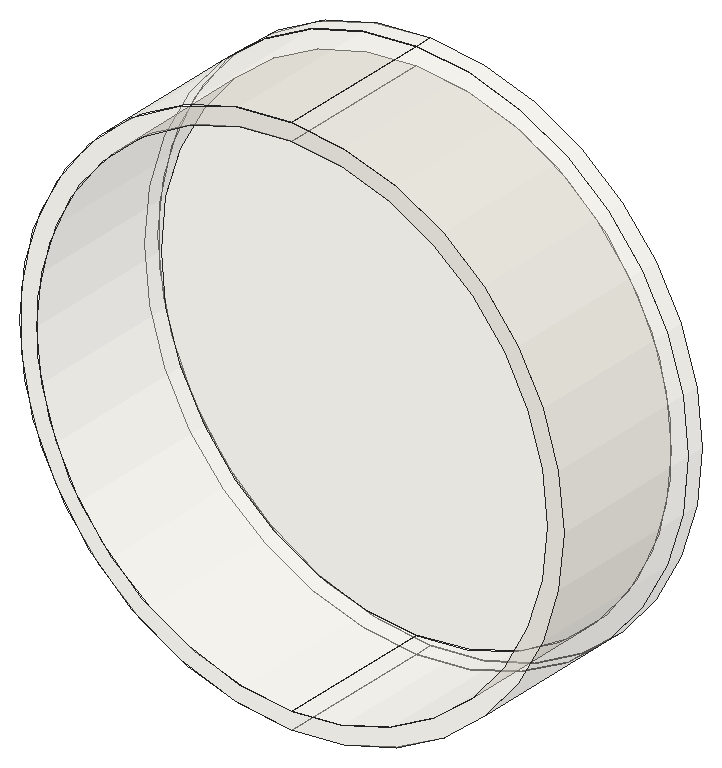
Revit family
Parameters (values of type "100 와트 백열")
  Wattage = 100 W
  built-in parameter 1150110 = 1 (stored number, unit not read)
  built-in parameter 1114217 = 1 (stored number, unit not read)
  built-in parameter 1150109 = 1 (stored number, unit not read)
  built-in parameter 1150134 = 4
  built-in parameter 1150113 = 1 (stored number, unit not read)
  built-in parameter 1150115 = 1 (stored number, unit not read)
  built-in parameter 1150105 = 381.97 (stored number, unit not read)
  Light Source Symbol Size = 609.6 mm
  built-in parameter 1150137 = (empty or 0)
  built-in parameter 1150139 = (empty or 0)
  built-in parameter 1150112 = 1 (stored number, unit not read)
  built-in parameter 1150114 = 1 (stored number, unit not read)
  Lamp = "R-30"
  조명 케이싱 = 유리 - 젖빛
  Lumens = 1200 lm
  장착 높이 = 1900 mm
  반지름 = 200 mm
  Wattage Comments = "100"
  built-in parameter 1150132 = (empty or 0)
  built-in parameter 1150102 = (empty or 0)
  built-in parameter 1150138 = (empty or 0)
  built-in parameter 1150107 = 2800 (stored number, unit not read)
  built-in parameter 1150106 = 3.8197 (stored number, unit not read)
  built-in parameter 1150104 = 1.1148 (stored number, unit not read)
  Dimming Lamp Color Temperature Shift = (empty or 0)
  Color Filter = 16777215
  built-in parameter 1114218 = 1 (stored number, unit not read)
  built-in parameter 1150133 = 10 (stored number, unit not read)
Types (3, lengths in mm): name | Wattage | built-in parameter 1150105 | Lamp | Lumens | Wattage Comments | built-in parameter 1150106 | built-in parameter 1150104
  (no name) | 100 W | 381.97 (stored number, unit not read) | "R-30" | 1200 lm | "100" | 3.8197 (stored number, unit not read) | 1.1148 (stored number, unit not read)
  100 와트 백열 | 100 W | 381.97 (stored number, unit not read) | "R-30" | 1200 lm | "100" | 3.8197 (stored number, unit not read) | 1.1148 (stored number, unit not read)
  60 와트 백열 | 60 W | 272.15 (stored number, unit not read) | "A-19" | 855 lm | "60" | 2.7215 (stored number, unit not read) | 1.3239 (stored number, unit not read)
Reference planes
  plane 1: y = 0
  plane 2 "광원 축": x = 0
  plane 3 "광원 입면도": z = 1900
  plane 4 "광원 축": y = 76.2
  plane 5: x = -200
  plane 6: x = 200
  plane 7: y = 76.2
  plane 8: y = 76.2
Forms (mm)
  Extrusion 1, solid, material "유리 - 젖빛" <- "조명 케이싱"
    sketch origin (-1524, 76.2, 0) x (-1, 0, 0) y (0, 0, 1)
      loop
        circle (-1524, 1900) r 200
      loop
        circle (-1524, 1900) r 187.518
    from 0 to 114.3
  Extrusion 2, solid, material "유리 - 젖빛" <- "조명 케이싱"
    sketch origin (-1524, 190.5, 0) x (-1, 0, 0) y (0, 0, 1)
      loop
        circle (-1524, 1900) r 200
    from 0 to 12.7
Cuts and joins
  joined: Extrusion 1, Extrusion 2
Lines and regions (mm)
  Masking region 1
    outline origin (0, 0, 0) x (1, 0, 0) y (0, 1, 0)
      loop
        line (-200, 203.2) -> (-200, 76.2) -> (200, 76.2) -> (200, 203.2) -> (-200, 203.2)
  model lines, style "InvisibleLines"
    curve 1: line (0, 76.2, 1696.8) -> (0, 76.2, 0)
Text (mm)
  text "앞면" at (0, 1019.848, 3124.603), in view "오른쪽"
  text "앞면" at (-659.482, 723.012, 0), in view "바닥 선"
  text "앞면" at (0, 928.088, 2345.249), in view "왼쪽"
Dimensions and locks
  "반지름": Extrusion 1 sketch curve to Extrusion 1 sketch curve
  "장착 높이": level to plane 3 "광원 입면도"
  "반지름": Extrusion 2 sketch curve to Extrusion 2 sketch curve
  "반지름": plane 2 "광원 축" to plane 6
  equal spacing: plane 5, plane 2 "광원 축", plane 6
  aligned and locked: plane 7 to host wall
  aligned and locked: plane 5 to Masking region 1 sketch curve
  aligned and locked: Masking region 1 sketch curve to plane 6
  aligned and locked: Masking region 1 sketch curve to cut or joined group of Extrusion 1, Extrusion 2
  aligned and locked: Masking region 1 sketch curve to plane 7
  aligned and locked: imposter light to plane 2 "광원 축"
  aligned and locked: imposter light to plane 3 "광원 입면도"
  aligned and locked: plane 4 "광원 축" to imposter light
  aligned and locked: plane 7 to plane 4 "광원 축"
  aligned and locked: plane 3 "광원 입면도" to Extrusion 2 sketch curve
  aligned and locked: plane 8 to host wall
  aligned and locked: imposter light to plane 8
Automatic sketch dimensions
  curve 1 to plane 2 "광원 축" = 0 mm
  curve 1 to level = 0 mm
  plane 3 "광원 입면도" to curve 1 = 203.2 mm
  Extrusion 1 sketch curve to Extrusion 1 sketch curve = 0 mm  (x12)
  Extrusion 1 sketch curve to plane 2 "광원 축" = 0 mm
  Extrusion 1 sketch curve to plane 3 "광원 입면도" = 0 mm
  Extrusion 1 sketch curve to Extrusion 1 sketch curve = 12.482 mm
  Extrusion 2 sketch curve to Extrusion 2 sketch curve = 0 mm
